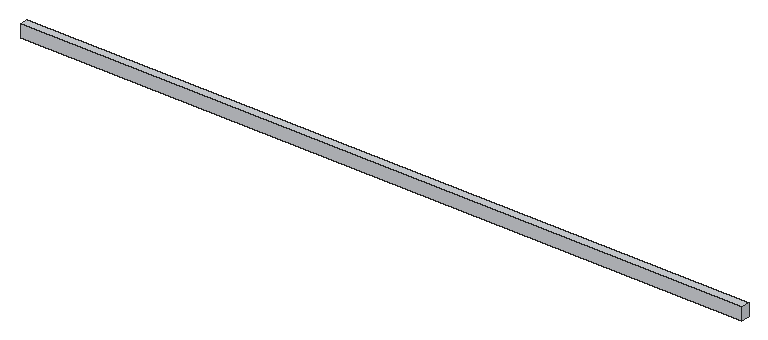
Revit family "LUMINOUS NEON DUAL 1217_NF1217.SW.1", category Luminarias, Revit 2019
Family settings
  Cota de conector redondo = Diámetro de uso
  Tipo de pieza = Normal
  Se basa en plano de trabajo = Sí
  Siempre vertical = No
  Corte con vacíos al cargar = No
  Origen de luz = Sí
  Compartido = No
  Punto de cálculo de habitación = No
Parameters (values of type "LUMINOUS NEON DUAL 1217_NF1217.SW.1")
  Tilt Angle = 60.00°
  Zone [instance] = ""
  Watt per fixture [instance] = (Longitud / 1000 mm) * (14)  # 14
  Wattage = 14 W
  built-in parameter 1150107 = 3000 (stored number, unit not read)
  built-in parameter 1150110 = 1 (stored number, unit not read)
  built-in parameter 1150109 = 1 (stored number, unit not read)
  built-in parameter 1150112 = 1 (stored number, unit not read)
  built-in parameter 1150113 = 1 (stored number, unit not read)
  built-in parameter 1114218 = 1 (stored number, unit not read)
  built-in parameter 1150137 = (empty or 0)
  built-in parameter 1150132 = (empty or 0)
  Modelo Lampara = "2835 SMD"
  Modelo = "NF1217.SW.1"
  Marca = "BRILLANT"
  Longitud de línea de emisión = 600 mm
  Longitud [instance] = 1000 mm
  built-in parameter 1150105 = 57.932 (stored number, unit not read)
  built-in parameter 1150102 = (empty or 0)
  built-in parameter 1150106 = 0.57932 (stored number, unit not read)
  Lumens = 728 lm
  Color Filter = 16777215
  built-in parameter 1114217 = 1 (stored number, unit not read)
  built-in parameter 1150139 = (empty or 0)
  Fabricante = "BRILLANT"
  Default Elevation = 0 mm
  built-in parameter 1150104 = 4.831 (stored number, unit not read)
  Descripción = "TIRA LED LUMINOUS NEON DUAL 1217  DE SILICONA AMBIENTAL CON UNA POTENCIA DE 14W/M, USO PARA EXTERIORES IP67, IRC 80, IK 08, TEMPERATURA DUAL DE BLANCO CALIDO 2300-4000K, 650 LUMENES/M, PRESENTACION DE 5M, CORTE 10CM, ALIMENTADO A 24V, REQUIERE ACCESORIOS. RESISTENTE CONTRA SOLUCIONES SALINAS, ACIDOS ALCALINOS Y CONTRA GASES CORROSIVOS ADEMAS DE RAYOS UV."
  built-in parameter 1150115 = 1 (stored number, unit not read)
  built-in parameter 1150114 = 1 (stored number, unit not read)
  Costo USD_NF1217 [instance] = (Longitud / 1000 mm) * (27)  # 27
  Comentarios de vataje = "24"
  built-in parameter 1150138 = (empty or 0)
  built-in parameter 1150134 = (empty or 0)
  Circuit [instance] = ""
  Dimming Lamp Color Temperature Shift = (empty or 0)
  Archivo de red fotométrica = "NF1217W_LUMINOUS NEON .IES"
  built-in parameter 1150133 = 10 (stored number, unit not read)
Reference planes
  plane 1 "Centro (Frontal/Posterior)": y = 0
  plane 2: z = 0
  plane 3 "Centro (Izquierda/Derecha)": x = 0
  plane 4 "IZQ": x = -1000
  plane 5: z = 17
Forms (mm)
  Extrusion 1, solid
    sketch origin (0, 0, 0) x (1, 0, 0) y (0, 1, 0)
      loop
        line (-1000, 6) -> (-1000, -6) -> (0, -6) -> (0, 6) -> (-1000, 6)
    from 0 to 17
Dimensions and locks
  plane 5 to imposter light = 17 mm
  "Longitud": plane 4 "IZQ" to plane 3 "Centro (Izquierda/Derecha)"
  aligned and locked: level to plane 2
  aligned and locked: plane 4 "IZQ" to Extrusion 1
  aligned and locked: plane 5 to Extrusion 1
  aligned and locked: plane 3 "Centro (Izquierda/Derecha)" to Extrusion 1
Automatic sketch dimensions
  Extrusion 1 sketch curve to plane 4 "IZQ" = 0 mm
  Extrusion 1 sketch curve to plane 3 "Centro (Izquierda/Derecha)" = 0 mm
  plane 1 "Centro (Frontal/Posterior)" to Extrusion 1 sketch curve = 6 mm
  Extrusion 1 sketch curve to plane 1 "Centro (Frontal/Posterior)" = 6 mm
Connectors
  electrical at (0, 0, 8.5)
    settings: on Extrusion 1, index 1, voltage 24 V, apparent load 0 VA, apparent load phase1 0 VA, apparent load phase2 0 VA, apparent load phase3 0 VA, power factor 1, load classification "Otro", number of poles 1, system type 31, power factor state 1, is connector primary yes, connector utility no, sub classification motor no, connector description ""
